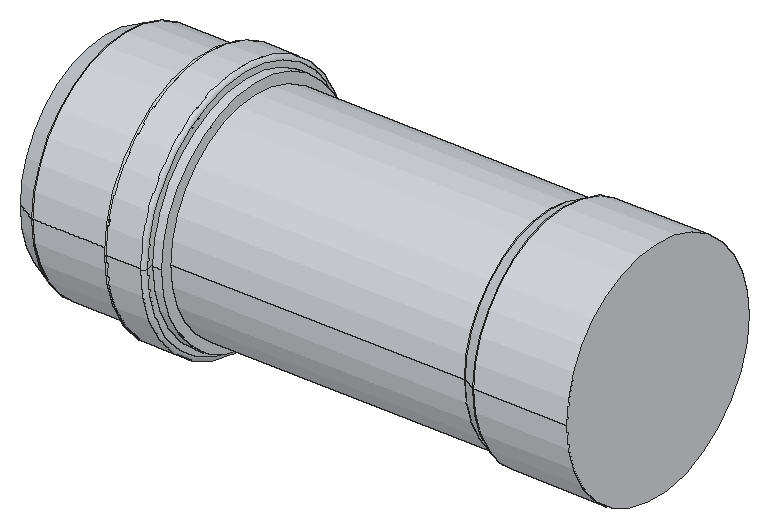
Revit family "RAUPIANO PLUS Venting Connection Pipe", category Pipe Accessories, Revit 2012
Parameters (values of type "Standard")
  tmin 1 [instance] = size_lookup("RAUPIANO Pipe.csv", "tmin", 0 mm, Nominal Diameter 1)  # 49.3 mm
  t [instance] = 33 mm  # constant formula
  k [instance] = if(d1 > d2, d1 - d2, d2 - d1)  # 5 mm
  d2 [instance] = Nominal Diameter 2  # 80 mm
  d1 [instance] = Nominal Diameter 1  # 75 mm
  bmin 1 [instance] = size_lookup("RAUPIANO Pipe.csv", "bmin", 0 mm, Nominal Diameter 1)  # 3.5 mm
  Type Comments = "RAU-PP; Push-fit; White"  # constant formula
  Thermal expansion coefficient [instance] = "0,09 mm/m.K"  # constant formula
  Temperature resistance [instance] = "90°C (continuous), 95°C (short term)"  # constant formula
  T1 = "to ventilation line (di 80)"
  Spec Text [instance] = if(D = 75 mm, T1, Fail)  # "to ventilation line (di 80)"
  Sleeve Radius 1 [instance] = (Dmax 1 + d1) / 4  # 41 mm
  Nominal Radius 2 [instance] = 40 mm  # constant formula
  Nominal Radius 1 [instance] = 37.5 mm  # constant formula
  Nominal Diameter 2 [instance] = Nominal Radius 2 * 2  # 80 mm
  Nominal Diameter 1 [instance] = Nominal Radius 1 * 2  # 75 mm
  Materialcode SAP [instance] = if(D = 75 mm, M1, Fail)  # "11235741001"
  Manufacturer = "REHAU"  # constant formula
  M1 = "11235741001"
  Health and environmental impact [instance] = "Halogen-free (no F, Cl, Br, J) and 100% recyclable"  # constant formula
  Fire load [instance] = "14.992 kJ/kg"  # constant formula
  Fire behaviour [instance] = "B2 (DIN 4102); D,S3-d0 (EN 13501-1)"  # constant formula
  Fail = "No article found"
  Dmax 1 [instance] = size_lookup("RAUPIANO Pipe.csv", "Dmax", 0 mm, Nominal Diameter 1)  # 89 mm
  Description = "REHAU RAUPIANO PLUS venting connection pipe"  # constant formula
  D [instance] = Nominal Diameter 1  # 75 mm
  Chemical resistance [instance] = "pH 2 - 12"  # constant formula
  Belt Thickness 1 [instance] = Dmax 1 / 2 - Sleeve Radius 1  # 3.5 mm
  Belt Radius 1 [instance] = (Dmax 1 / 2 - Sleeve Radius 1) / 2.5  # 1.4 mm
  Belt Length 1 [instance] = (3 mm / 10 mm) * tmin 1  # 14.79 mm
  BL [instance] = 153 mm  # constant formula
  Article No [instance] = if(D = 75 mm, A1, Fail)  # "123574-001"
  Application [instance] = "Not to be exposed to UV-radiation"  # constant formula
  Acoustic properties [instance] = "Rw + Ctr 42 (with industry standard suspended ceiling)"  # constant formula
  A1 = "123574-001"
Reference planes
  plane 1 "Center (Front/Back)": y = 0
  plane 2: z = 0
  plane 3 "Center (Left/Right)": x = 0
  plane 4: x = -158
  plane 5: x = -5
  plane 6: x = 33
  plane 7: y = 40
  plane 8: y = -40
  plane 9: y = 37.5
  plane 10: y = -37.5
  plane 11: x = -108.7
  plane 12: x = -161.5
  plane 13: x = -112.2
  plane 14: x = -126.99
  plane 15: x = -154.5
  plane 16: y = 41
Forms (mm)
  Extrusion 1, solid, detail levels fine
    sketch origin (-158, 2000, 1200) x (0, 1, 0) y (0, 0, 1)
      loop
        circle (-2000, -1200) r 40
    from 158 to 191
  Blend 2, solid, detail levels fine
    base sketch origin (-5, 2000, 1200) x (0, 1, 0) y (0, 0, 1)
      loop
        circle (-2000, -1200) r 40
    top sketch origin (-5, 2000, 1200) x (0, 1, 0) y (0, 0, 1)
      loop
        circle (-2000, -1200) r 37.5
    from 5 to 0
  Extrusion 3, solid, detail levels fine
    sketch origin (0, 0, 0) x (0, 1, 0) y (0, 0, 1)
      loop
        circle (0, 0) r 37.5
    from -5 to -108.7
  Extrusion 4, solid, detail levels fine
    sketch origin (0, 0, 0) x (0, 1, 0) y (0, 0, 1)
      loop
        circle (0, 0) r 41
    from -154.5 to -108.7
  Blend 5, solid, detail levels fine
    base sketch origin (0, 0, 0) x (0, 1, 0) y (0, 0, 1)
      loop
        circle (0, 0) r 41
    top sketch origin (0, 0, 0) x (0, 1, 0) y (0, 0, 1)
      loop
        circle (0, 0) r 37.5
    from -154.5 to -161.5
  Revolve 6, solid, detail levels fine
    sketch origin (0, 0, 0) x (1, 0, 0) y (0, 1, 0)
      loop
        line (-126.99, 41) -> (-112.2, 41) -> (-112.2, 43.1)
        arc (-112.2, 43.1) -> (-112.61, 44.09) -> (-113.6, 44.5) r 1.4
        line (-113.6, 44.5) -> (-125.59, 44.5)
        arc (-125.59, 44.5) -> (-126.58, 44.09) -> (-126.99, 43.1) r 1.4
        line (-126.99, 43.1) -> (-126.99, 41)
      axis (-112.2, 0) -> (-126.99, 0)
    angle from 0 to 360
Lines and regions (mm)
  model lines, detail levels coarse+medium
    curve 1: line (-161.5, 0, 0) -> (33, 0, 0)
    curve 2: line (-161.5, 37.5, 0) -> (-161.5, -37.5, 0)
    curve 3: line (33, 40, 0) -> (33, -40, 0)
  model lines, style "Symbol", detail levels coarse+medium
    curve 4: line (-161.5, 0, 37.5) -> (-161.5, 0, -37.5)
    curve 5: line (33, 0, 40) -> (33, 0, -40)
Dimensions and locks
  "k": plane 5 to plane 3 "Center (Left/Right)"
  "BL": plane 4 to plane 5
  "t": plane 3 "Center (Left/Right)" to plane 6
  "d2": plane 7 to plane 8
  equal spacing: plane 7, plane 1 "Center (Front/Back)", plane 8
  equal spacing: plane 9, plane 1 "Center (Front/Back)", plane 10
  "d1": plane 9 to plane 10
  "bmin 1": plane 13 to plane 11
  "Belt Length 1": plane 14 to plane 13
  equal spacing: plane 12, plane 4, plane 15
  "bmin 1": plane 4 to plane 15
  "Sleeve Radius 1": plane 1 "Center (Front/Back)" to plane 16
  "Belt Thickness 1": Revolve 6 sketch curve to Revolve 6 sketch curve
  "tmin 1": plane 4 to plane 11
  equal spacing: curve 4, level, curve 4
  "Nominal Radius 1": curve 4 to level
  equal spacing: curve 5, level, curve 5
  "Nominal Radius 2": curve 5 to level
  "Nominal Radius 2": radius of Extrusion 1 sketch curve
  "Nominal Radius 2": radius of Blend 2 sketch curve
  "Nominal Radius 1": radius of Blend 2 sketch curve
  "Nominal Radius 1": radius of Extrusion 3 sketch curve
  "Sleeve Radius 1": radius of Extrusion 4 sketch curve
  "Sleeve Radius 1": radius of Blend 5 sketch curve
  "Nominal Radius 1": radius of Blend 5 sketch curve
  "Belt Radius 1": radius of Revolve 6 sketch curve  (x2)
  aligned and locked: level to plane 2
  aligned and locked: plane 1 "Center (Front/Back)" to curve 1
  aligned and locked: plane 6 to curve 1
  aligned and locked: plane 6 to Extrusion 1
  aligned and locked: plane 5 to Extrusion 3
  aligned and locked: Blend 2 to plane 5
  aligned and locked: plane 3 "Center (Left/Right)" to Blend 2
  aligned and locked: Extrusion 1 to plane 3 "Center (Left/Right)"
  aligned and locked: plane 9 to curve 2
  aligned and locked: plane 10 to curve 2
  aligned and locked: plane 7 to curve 3
  aligned and locked: plane 8 to curve 3
  aligned and locked: curve 3 to plane 6
  aligned and locked: Extrusion 3 to plane 11
  aligned and locked: curve 2 to plane 12
  aligned and locked: Blend 5 to plane 12
  aligned and locked: plane 15 to Blend 5
  aligned and locked: Extrusion 4 to plane 15
  aligned and locked: plane 11 to Extrusion 4
  aligned and locked: plane 14 to Revolve 6 sketch curve
  aligned and locked: Revolve 6 sketch curve to plane 16
  aligned and locked: Revolve 6 sketch curve to Revolve 6 sketch curve
  aligned and locked: plane 13 to Revolve 6 sketch curve
  aligned and locked: Revolve 6 sketch curve to plane 1 "Center (Front/Back)"
  aligned and locked: curve 4 to plane 12
  aligned and locked: curve 5 to plane 6
Automatic sketch dimensions
  Extrusion 1 sketch curve to level = 0 mm
  Extrusion 1 sketch curve to plane 1 "Center (Front/Back)" = 0 mm
  Blend 2 sketch curve to level = 0 mm  (x2)
  Blend 2 sketch curve to plane 1 "Center (Front/Back)" = 0 mm  (x2)
  Extrusion 3 sketch curve to level = 0 mm
  Extrusion 3 sketch curve to plane 1 "Center (Front/Back)" = 0 mm
  Extrusion 4 sketch curve to level = 0 mm
  Extrusion 4 sketch curve to plane 1 "Center (Front/Back)" = 0 mm
  Blend 5 sketch curve to level = 0 mm  (x2)
  Blend 5 sketch curve to plane 1 "Center (Front/Back)" = 0 mm  (x2)
  Revolve 6 sketch curve to plane 12 = 1838.5 mm
  plane 6 to Revolve 6 sketch curve = 1967 mm
Connectors
  piping at (-161.5, 0, 0), driven by "Nominal Radius 1"
    settings: on Blend 5, index 1, connector radius 37.5 mm, flow factor 0, pipe flow 0.0 L/s, pressure drop 0.0 Pa, fitting loss kfactor 0, connector angle 0.00°, fixture units 0, engagement length 0 mm, flow configuration 0, flow direction 0, fitting loss method 4, system type 16, joint type 0, gender type 0, connector reference index -1, connector utility 0, adjustable connector no, is connector primary yes, fitting loss table "", connector description ""
  piping at (33, 0, 0), driven by "Nominal Radius 2"
    settings: on Extrusion 1, index 2, connector radius 40 mm, flow factor 0, pipe flow 0.0 L/s, pressure drop 0.0 Pa, fitting loss kfactor 0, connector angle 0.00°, fixture units 0, engagement length 0 mm, flow configuration 0, flow direction 0, fitting loss method 4, system type 17, joint type 0, gender type 0, connector reference index -1, connector utility 0, adjustable connector no, is connector primary no, fitting loss table "", connector description ""
